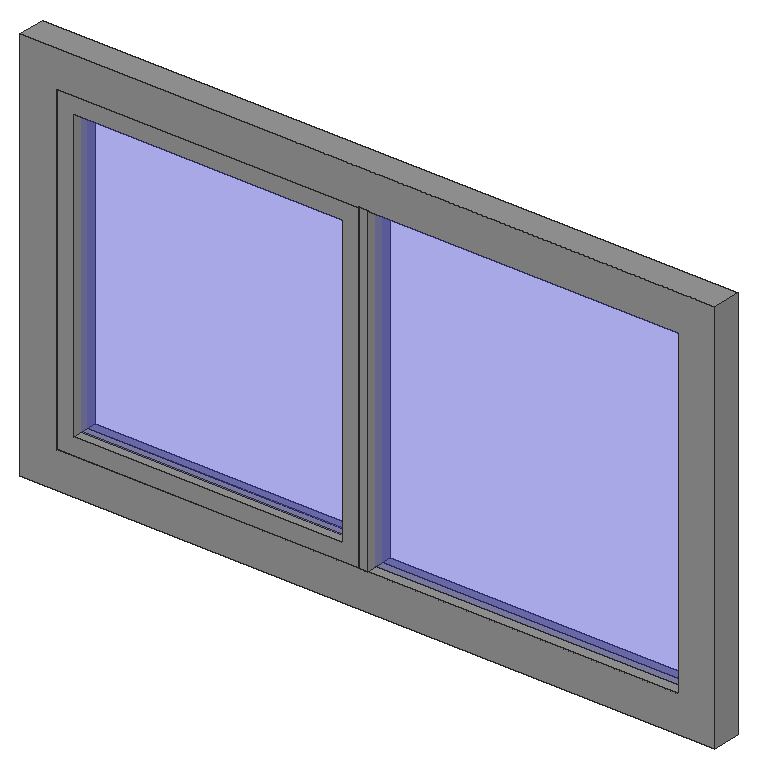
Revit family "Family66", category Windows, host Wall, Revit 2018
Family settings
  Host = Wall
  OmniClass Number = 23.30.20.00
  OmniClass Title = Windows
  Always vertical = Yes
  Cut with Voids When Loaded = No
  Shared = No
  Room Calculation Point = No
Parameters
  Window Frame = 84 mm
  Visual Light Transmittance = 0.81
  URL = "www.skywardwindows.co.za"
  Thermal Resistance (R) = 0.3196 (m²·K)/W
  Telephone = "021 276 1800"
  Solar Heat Gain Coefficient = 0.76
  Manufacturer = "Skyward Windows"
  Height = 1190 mm
  Heat Transfer Coefficient (U) = 3.1292 W/(m²·K)
  Glass Thickness = 4 mm
  Glass = Glass
  Frame = White
  Email Address = "info@skywardwindows.co.za"
  Default Sill Height = 800 mm
  Wall Closure = By host
  Width = 2090 mm
  Company Address = "Charles Matthews Street Atlantis 7349"
  Analytic Construction = "Double glazing - domestic"
Reference planes
  plane 1 "Center (Front/Back)": y = 0
  plane 2 "Center (Left/Right)": x = 0
  plane 3 "Left": x = -1045
  plane 4 "Right": x = 1045
  plane 5 "Sill": z = 800
  plane 6 "Head": z = 1990
  plane 7 "Exterior": y = 100
  plane 8 "Interior": y = -100
Forms (mm)
  Extrusion 1, solid, material "White" <- "Frame"
    sketch origin (0, -100, 0) x (1, 0, 0) y (0, 0, 1)
      loop
        line (-1045, 1990) -> (-1045, 800) -> (1045, 800) -> (1045, 1990) -> (-1045, 1990)
      loop
        line (-936, 909) -> (936, 909) -> (936, 1881) -> (-936, 1881) -> (-936, 909)
    from -142 to -58
  Extrusion 2, solid, material "White" <- "Frame"
    sketch origin (0, -100, 0) x (1, 0, 0) y (0, 0, 1)
      loop
        line (-936, 1881) -> (-936, 909) -> (-27.495, 909) -> (-27.495, 1881) -> (-936, 1881)
      loop
        line (-886, 1829.709) -> (-886, 959) -> (-77.495, 959) -> (-77.495, 1829.709) -> (-886, 1829.709)
    from -140 to -60
  Extrusion 3, solid, material "White" <- "Frame"
    sketch origin (0, -100, 0) x (1, 0, 0) y (0, 0, 1)
      loop
        line (-27.495, 1881) -> (-27.495, 909) -> (0, 909) -> (0, 1881) -> (-27.495, 1881)
    from -142 to -58
  Extrusion 4, solid, material "Glass" <- "Glass"
    sketch origin (0, 0, 0) x (1, 0, 0) y (0, 1, 0)
      loop
        line (-886, 14) -> (-886, 10) -> (-77.495, 10) -> (-77.495, 14) -> (-886, 14)
      loop
        line (-886, -10) -> (-886, -14) -> (-77.495, -14) -> (-77.495, -10) -> (-886, -10)
    from 959 to 1829.709
  Extrusion 5, solid, material "Glass" <- "Glass"
    sketch origin (0, 0, 0) x (1, 0, 0) y (0, 1, 0)
      loop
        line (0, 14) -> (0, 10) -> (936, 10) -> (936, 14) -> (0, 14)
      loop
        line (936, -10) -> (0, -10) -> (0, -14) -> (936, -14) -> (936, -10)
    from 909 to 1881
Lines and regions (mm)
  Opening 1
    outline origin (3500, -100, 0) x (1, 0, 0) y (0, 0, 1)
      loop
        line (-2455, 800) -> (-2455, 1990) -> (-4545, 1990) -> (-4545, 800) -> (-2455, 800)
Text (mm)
  text "EXTERIOR" at (-1963.203, 1332.353, 0), in view "Ref. Level"
  text "INTERIOR" at (-1981.466, -818.386, 0), in view "Ref. Level"
  text "Exterior" at (0, 923.751, 2943.296), in view "Right"
  text "Exterior" at (0, 1040.484, 2685.409), in view "Left"
Dimensions and locks
  equal spacing: plane 3 "Left", plane 2 "Center (Left/Right)", plane 4 "Right"
  "Width": plane 3 "Left" to plane 4 "Right"
  "Height": plane 5 "Sill" to plane 6 "Head"
  "Default Sill Height": plane 5 "Sill" to level
  locked: plane 7 "Exterior" to host wall at 0
  locked: plane 8 "Interior" to host wall
  "Window Frame": Extrusion 1 to Extrusion 1
  "Glass Thickness": Extrusion 4 to Extrusion 4
  "Glass Thickness": Extrusion 5 to Extrusion 5
  aligned and locked: Extrusion 1 sketch curve to host wall  (x4)
  aligned and locked: Extrusion 4 to Extrusion 2  (x2)
  aligned and locked: Extrusion 5 to Extrusion 1
Automatic sketch dimensions
  Opening 1 sketch curve to plane 3 "Left" = 0 mm
  Opening 1 sketch curve to plane 4 "Right" = 0 mm
  Opening 1 sketch curve to plane 5 "Sill" = 0 mm
  Opening 1 sketch curve to plane 6 "Head" = 0 mm
  Extrusion 1 sketch curve to plane 3 "Left" = 109 mm
  plane 4 "Right" to Extrusion 1 sketch curve = 109 mm
  Extrusion 1 sketch curve to plane 5 "Sill" = 109 mm
  plane 6 "Head" to Extrusion 1 sketch curve = 109 mm
  Extrusion 2 sketch curve to plane 3 "Left" = 109 mm
  Extrusion 2 sketch curve to Extrusion 2 sketch curve = 50 mm  (x2)
  plane 2 "Center (Left/Right)" to Extrusion 2 sketch curve = 77.495 mm
  plane 2 "Center (Left/Right)" to Extrusion 2 sketch curve = 27.495 mm
  Extrusion 2 sketch curve to plane 5 "Sill" = 109 mm
  plane 6 "Head" to Extrusion 2 sketch curve = 160.291 mm
  Extrusion 2 sketch curve to Extrusion 2 sketch curve = 51.291 mm
  plane 2 "Center (Left/Right)" to Extrusion 3 sketch curve = 0 mm
  plane 2 "Center (Left/Right)" to Extrusion 3 sketch curve = 27.495 mm
  Extrusion 3 sketch curve to plane 5 "Sill" = 109 mm
  plane 6 "Head" to Extrusion 3 sketch curve = 109 mm
  Extrusion 4 sketch curve to host wall = 14 mm
  Extrusion 4 sketch curve to plane 3 "Left" = 159 mm
  Extrusion 4 sketch curve to Extrusion 4 sketch curve = 0 mm  (x2)
  host wall to Extrusion 4 sketch curve = 10 mm
  plane 2 "Center (Left/Right)" to Extrusion 4 sketch curve = 77.495 mm
  Extrusion 4 sketch curve to Extrusion 4 sketch curve = 4 mm  (x2)
  plane 2 "Center (Left/Right)" to Extrusion 5 sketch curve = 0 mm  (x2)
  Extrusion 5 sketch curve to host wall = 14 mm
  plane 4 "Right" to Extrusion 5 sketch curve = 109 mm
  Extrusion 5 sketch curve to Extrusion 5 sketch curve = 0 mm
  Extrusion 5 sketch curve to Extrusion 5 sketch curve = 4 mm  (x2)
  host wall to Extrusion 5 sketch curve = 10 mm
